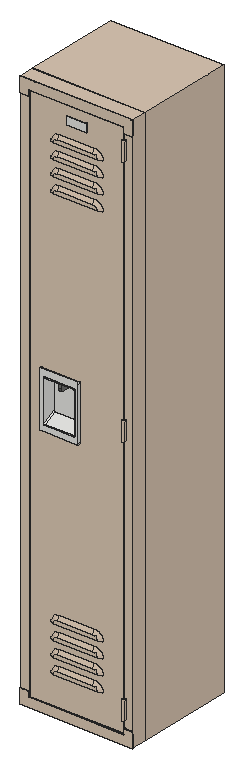
Revit family "Locker_SalsburyInd_Metal-1-Tier-Single", category Specialty Equipment, Revit 2026
Family settings
  Round Connector Dimension = Use Diameter
  Part Type = Normal
  Classification Number = 23.40.00.00
  Work Plane-Based = No
  Enable Cutting in Views = No
  Always vertical = Yes
  Cut with Voids When Loaded = No
  Maintain Annotation Orientation = No
  Shared = No
  Room Calculation Point = No
Parameters
  Warranty Duration (Years) = 0
  Vertical Front Filler Width_Right [instance] = 15.000"
  Vertical Front Filler Width_Left [instance] = 15.000"
  Vertical Filler_Right [instance] = ML_Front Filler : None
  Vertical Filler_Left [instance] = ML_Front Filler : None
  Unit Width = 12.000"
  Unit Height = 60.000"
  Unit Depth = 12.000"
  URL = "www.lockers.com"
  Type Comments = "Specify Assembled or Disassembled"
  Specification = ""
  SpecWizard = ""
  Sales Information = "http://www.lockers.com/service/contact/"
  Revision = "R1_2017-09"
  Product Properties = "http://www.lockers.com/shop-by-department/metal-lockers/standard-12-w/"
  Product Data = "http://www.arcat.com/arcatcos/cos35/arc35330.html"
  Overall Height [instance] = Unit Height + Base Height + Sloping Hood Height  # 60.000"
  Manufacturer Website = "http://www.lockers.com/"
  Manufacturer Phone - Toll Free = "800-562-5377"
  Manufacturer Phone = "323-846-6700"
  Manufacturer Fax = "323-846-6800"
  Manufacturer Address = "1010 E. 62nd St.  Los Angeles, CA 90001-1598"
  Maintenance Schedule (Months) = 0
  Lock Type [instance] = "[Built-in Combination][Padlock][Built-in Resettable Combination]"
  Keynote = "10 50 00"
  Installation Phase = ""
  Hasp Plate Material [instance] = Finish - Salsbury - Polished Steel
  Hasp Handle Material [instance] = Finish - Salsbury - Black
  Green Building-LEED = ""
  Expected Lifespan (Years) = 0
  End Panel_Right [instance] = ML_End Panel : None
  End Panel_Left [instance] = ML_End Panel : None
  Drawn By = "Sumex Design, Inc. / Robert S. Weygant, CSI, CDT, SCIP"
  Door Width = Unit Width - (1.063" * 2)  # 9.874"
  Door Height = Unit Height - (1.094" * 2)  # 57.812"
  Top Filler_Right [instance] = ML_Top Filler : None
  Top Filler_Left [instance] = ML_Top Filler : None
  Sloping Hood Height [instance] = if(not(Sloped Hood), 0.000", if(Unit Depth = 12.000", 6.625", if(Unit Depth = 15.000", 8.682", if(Unit Depth = 18.000", 10.739", 0.000"))))  # 0.000"
  Sloped Hood [instance] = no
  Model = "as Specified"
  Manufacturer = "Salsbury Industries"
  Fixture Finish [instance] = Finish - Salsbury - Tan
  Door A Label [instance] = "Number / Name as Specified"
  Description = "Salsbury Locker as Specified"
  Default Elevation = 0.000"
  Copyright = "©Arcat Inc."
  Construction Details = "http://www.arcat.com/details/salsbury/salsbury.html?coid=35330"
  Base_Right [instance] = ML_Base Side : None
  Base_Left [instance] = ML_Base Side : None
  Base Type = ML_Base Type : No Legs
  Base Height = 0.000"
  Base Front [instance] = ML_Front Base : None
  Assembly Code = "C1030310"
Reference planes (in)
  plane 1 "Center (Front/Back)": y = 0.005
  plane 2: z = 0
  plane 3 "Center (Left/Right)": x = 0
  plane 4 "Floor": z = 0
  plane 5 "Bottom of Unit": z = 0
  plane 6 "Top of Unit": z = 60
  plane 7 "Left Side of Unit": x = -6
  plane 8 "Right Side of Unit": x = 6
  plane 9 "Back of Unit": y = 6.005
  plane 10 "Front of Unit": y = -5.995
  plane 11 "Top of Sloping Hood": z = 60
  plane 12 "Right Side of Door Opening": x = 5
  plane 13 "Left Side of Door Opening": x = -5
  plane 14 "Top of Door Opening": z = 59
  plane 15 "Bottom of Door Opening": z = 1
  plane 16 "Back Edge of Front Facing": y = -4.407
  plane 17 "Front Plate Plane": y = -6.055
  plane 18 "Corner Filler Align-Left": x = -6.06
  plane 19 "Corner Filler Align-Right": x = 6.06
  plane 20 "Left Side of Door": x = -4.93029
  plane 21 "Right Side of Door": x = 4.93026
  plane 22 "Top of Door 1": z = 58.90976
  plane 23 "Bottom of Bottom Door": z = 1.09027
  plane 24: x = -5.075
  plane 25: x = 5.075
  plane 26: z = 58.40796
  plane 27: z = 1.59204
Forms (in)
  Sweep 1, solid, material "Finish - Salsbury - Tan" <- "Fixture Finish"
    path origin (0, -5.995, 0) x (1, 0, 0) y (0, 0, 1)
      loop
        line (-6, 60) -> (-6, 0) -> (6, 0) -> (6, 60) -> (-6, 60)
    profile origin (0, -5.995, 60) x (0, 0, 1) y (0, -1, 0)
      loop
        line (0, 0) -> (-1, 0) -> (-1, -1.588) -> (0, -1.588) -> (0, 0)
  Extrusion 2, solid, material "Finish - Salsbury - Tan" <- "Fixture Finish"
    sketch origin (0, -6.055, 0) x (0, 0, -1) y (1, 0, 0)
      loop
        line (-60, -6) -> (-58.47656, -6)
        arc (-58.47656, -6) -> (-58.42806, -5.97991) -> (-58.40796, -5.9314) r 0.0686
        line (-58.40796, -5.9314) -> (-58.40796, -5.14351)
        arc (-58.40796, -5.14351) -> (-58.42809, -5.09506) -> (-58.47656, -5.075) r 0.0686
        line (-58.47656, -5.075) -> (-59, -5.075) -> (-59, 5.075) -> (-58.47656, 5.075)
        arc (-58.47656, 5.075) -> (-58.42809, 5.09506) -> (-58.40796, 5.14351) r 0.0686
        line (-58.40796, 5.14351) -> (-58.40796, 5.9314)
        arc (-58.40796, 5.9314) -> (-58.42806, 5.97991) -> (-58.47656, 6) r 0.0686
        line (-58.47656, 6) -> (-60, 6) -> (-60, -6)
    from -0.06 to 0
  Extrusion 3, solid, material "Finish - Salsbury - Tan" <- "Fixture Finish"
    sketch origin (0, -6.055, 84) x (0, 0, 1) y (-1, 0, 0)
      loop
        line (-84, 6) -> (-84, -6) -> (-82.47656, -6)
        arc (-82.47656, -6) -> (-82.42806, -5.97991) -> (-82.40796, -5.9314) r 0.0686
        line (-82.40796, -5.9314) -> (-82.40796, -5.14351)
        arc (-82.40796, -5.14351) -> (-82.42809, -5.09506) -> (-82.47656, -5.075) r 0.0686
        line (-82.47656, -5.075) -> (-83, -5.075) -> (-83, 5.075) -> (-82.47656, 5.075)
        arc (-82.47656, 5.075) -> (-82.42809, 5.09506) -> (-82.40796, 5.14351) r 0.0686
        line (-82.40796, 5.14351) -> (-82.40796, 5.9314)
        arc (-82.40796, 5.9314) -> (-82.42806, 5.97991) -> (-82.47656, 6) r 0.0686
        line (-82.47656, 6) -> (-84, 6)
    from -0.06 to 0
  Extrusion 4, solid, material "Finish - Salsbury - Tan" <- "Fixture Finish"
    sketch origin (6, 0, 0) x (0, 0, -1) y (0, -1, 0)
      loop
        line (-59.94, 4.407) -> (-59.94, 6.055) -> (-60, 6.055) -> (-60, -6.005) -> (0, -6.005) -> (0, 4.407) -> (-59.94, 4.407)
    from 0 to 12
  Extrusion 5, void
    sketch origin (6, 0, 0) x (0, 0, -1) y (0, -1, 0)
      loop
        line (-60, 6.055) -> (-60, 4.407) -> (-59.94, 4.407) -> (-59.94, 6.055) -> (-60, 6.055)
    from 0 to 12
Cuts and joins
  Extrusion 5 cuts Extrusion 4
Dimensions and locks (in)
  equal spacing: plane 7 "Left Side of Unit", plane 3 "Center (Left/Right)", plane 8 "Right Side of Unit"
  "Unit Width": plane 7 "Left Side of Unit" to plane 8 "Right Side of Unit"
  "Base Height": plane 5 "Bottom of Unit" to plane 4 "Floor"
  "Unit Height": plane 6 "Top of Unit" to plane 5 "Bottom of Unit"
  equal spacing: plane 10 "Front of Unit", plane 1 "Center (Front/Back)", plane 9 "Back of Unit"
  "Unit Depth": plane 10 "Front of Unit" to plane 9 "Back of Unit"
  "Sloping Hood Height": plane 11 "Top of Sloping Hood" to plane 6 "Top of Unit"
  plane 6 "Top of Unit" to plane 14 "Top of Door Opening" to plane 22 "Top of Door 1" to plane 26 = 1.000" locked, 0.09024" locked, 0.5018" locked
  plane 27 to plane 23 "Bottom of Bottom Door" to plane 15 "Bottom of Door Opening" to plane 5 "Bottom of Unit" = 0.50177" locked, 0.09027" locked, 1.000" locked
  plane 7 "Left Side of Unit" to plane 13 "Left Side of Door Opening" to plane 20 "Left Side of Door" = 1.000" locked, 0.06971"
  plane 21 "Right Side of Door" to plane 12 "Right Side of Door Opening" to plane 8 "Right Side of Unit" = 0.06974", 1.000" locked
  plane 17 "Front Plate Plane" to plane 10 "Front of Unit" to plane 16 "Back Edge of Front Facing" = 0.060" locked, 1.588" locked
  locked: plane 8 "Right Side of Unit" to plane 19 "Corner Filler Align-Right" at 0.06
  locked: plane 18 "Corner Filler Align-Left" to plane 7 "Left Side of Unit" at 0.06
  plane 20 "Left Side of Door" to plane 21 "Right Side of Door" = 9.86055"
  locked: plane 7 "Left Side of Unit" to plane 24 at 0.925
  locked: plane 25 to plane 8 "Right Side of Unit" at 0.925
  locked: Extrusion 4 sketch curve to plane 6 "Top of Unit" at 0.06
  locked: Extrusion 5 sketch curve to plane 6 "Top of Unit" at 0.06
  aligned and locked: level to plane 2
  aligned and locked: Extrusion 2 to plane 10 "Front of Unit"
  aligned and locked: Extrusion 3 to plane 10 "Front of Unit"
  aligned and locked: plane 4 "Floor" to nested 1
  aligned and locked: plane 5 "Bottom of Unit" to Extrusion 3
  aligned and locked: plane 10 "Front of Unit" to nested 2
  aligned and locked: nested 5 to plane 10 "Front of Unit"
  aligned and locked: plane 10 "Front of Unit" to nested 6
  aligned and locked: plane 10 "Front of Unit" to nested 4
  aligned and locked: plane 23 "Bottom of Bottom Door" to nested 8
  aligned and locked: plane 10 "Front of Unit" to nested 8
  aligned and locked: plane 10 "Front of Unit" to nested 1
  aligned and locked: plane 6 "Top of Unit" to Sweep 1 sketch curve  (x2)
  aligned and locked: Sweep 1 sketch curve to plane 7 "Left Side of Unit"
  aligned and locked: plane 8 "Right Side of Unit" to Sweep 1 sketch curve
  aligned and locked: Sweep 1 sketch curve to plane 5 "Bottom of Unit"
  aligned and locked: plane 10 "Front of Unit" to Sweep 1
  aligned and locked: Extrusion 2 to plane 17 "Front Plate Plane"
  aligned and locked: plane 10 "Front of Unit" to Extrusion 2
  aligned and locked: Extrusion 2 to plane 8 "Right Side of Unit"
  aligned and locked: plane 7 "Left Side of Unit" to Extrusion 2
  aligned and locked: plane 7 "Left Side of Unit" to Extrusion 3
  aligned and locked: plane 17 "Front Plate Plane" to Extrusion 3
  aligned and locked: Extrusion 3 to plane 8 "Right Side of Unit"
  aligned and locked: plane 24 to Extrusion 3
  aligned and locked: plane 25 to Extrusion 3
  aligned and locked: plane 25 to Extrusion 2
  aligned and locked: Extrusion 2 to plane 24
  aligned and locked: plane 16 "Back Edge of Front Facing" to Sweep 1 sketch curve
  aligned and locked: Sweep 1 sketch curve to plane 14 "Top of Door Opening"
  aligned and locked: Sweep 1 sketch curve to plane 10 "Front of Unit"
  aligned and locked: plane 26 to Extrusion 2  (x2)
  aligned and locked: Extrusion 2 to plane 6 "Top of Unit"
  aligned and locked: plane 14 "Top of Door Opening" to Extrusion 2
  aligned and locked: Extrusion 3 to plane 15 "Bottom of Door Opening"
  aligned and locked: plane 27 to Extrusion 3
  aligned and locked: Extrusion 3 to plane 27
  aligned and locked: plane 8 "Right Side of Unit" to nested 6
  aligned and locked: nested 7 to plane 7 "Left Side of Unit"
  aligned and locked: plane 10 "Front of Unit" to nested 7
  aligned and locked: plane 11 "Top of Sloping Hood" to Extrusion 4 sketch curve
  aligned and locked: Extrusion 4 to plane 8 "Right Side of Unit"
  aligned and locked: plane 7 "Left Side of Unit" to Extrusion 4
  aligned and locked: plane 17 "Front Plate Plane" to Extrusion 4 sketch curve
  aligned and locked: Extrusion 5 sketch curve to plane 16 "Back Edge of Front Facing"
  aligned and locked: Extrusion 5 sketch curve to plane 6 "Top of Unit"
  aligned and locked: plane 17 "Front Plate Plane" to Extrusion 5 sketch curve
  aligned and locked: plane 7 "Left Side of Unit" to Extrusion 5
  aligned and locked: Extrusion 5 to plane 8 "Right Side of Unit"
  aligned and locked: plane 5 "Bottom of Unit" to nested 4
  aligned and locked: nested 5 to plane 5 "Bottom of Unit"
  aligned and locked: plane 1 "Center (Front/Back)" to nested 3
  aligned and locked: plane 8 "Right Side of Unit" to nested 3
  aligned and locked: plane 7 "Left Side of Unit" to nested 9
  aligned and locked: nested 9 to plane 1 "Center (Front/Back)"
  aligned and locked: plane 3 "Center (Left/Right)" to nested 2
  aligned and locked: plane 3 "Center (Left/Right)" to nested 1
  aligned and locked: plane 8 "Right Side of Unit" to nested 4
  aligned and locked: plane 7 "Left Side of Unit" to nested 5
  aligned and locked: plane 1 "Center (Front/Back)" to nested 10
  aligned and locked: nested 10 to plane 19 "Corner Filler Align-Right"
  aligned and locked: nested 11 to plane 1 "Center (Front/Back)"
  aligned and locked: plane 18 "Corner Filler Align-Left" to nested 11
  aligned and locked: plane 3 "Center (Left/Right)" to nested 8
  aligned and locked: plane 5 "Bottom of Unit" to Extrusion 4 sketch curve
  aligned and locked: plane 6 "Top of Unit" to Extrusion 4 sketch curve
Automatic sketch dimensions
  Extrusion 2 sketch curve to plane 6 "Top of Unit" = 0.000"
  plane 14 "Top of Door Opening" to Extrusion 2 sketch curve = 0.000"
  plane 7 "Left Side of Unit" to Extrusion 2 sketch curve = 0.000"
  Extrusion 2 sketch curve to plane 8 "Right Side of Unit" = 0.000"
  Extrusion 2 sketch curve to plane 7 "Left Side of Unit" = 0.0686"
  Extrusion 2 sketch curve to Extrusion 2 sketch curve = 0.0686"
  plane 13 "Left Side of Door Opening" to Extrusion 2 sketch curve = 0.1436"
  Extrusion 2 sketch curve to Extrusion 2 sketch curve = 0.00009"
  Extrusion 2 sketch curve to plane 12 "Right Side of Door Opening" = 0.075"
  Extrusion 2 sketch curve to Extrusion 2 sketch curve = 0.06851"
  Extrusion 3 sketch curve to plane 5 "Bottom of Unit" = 0.000"
  plane 15 "Bottom of Door Opening" to Extrusion 3 sketch curve = 0.000"
  Extrusion 3 sketch curve to plane 7 "Left Side of Unit" = 0.000"
  plane 8 "Right Side of Unit" to Extrusion 3 sketch curve = 0.000"
  Extrusion 3 sketch curve to Extrusion 3 sketch curve = 0.0686"  (x2)
  Extrusion 3 sketch curve to plane 13 "Left Side of Door Opening" = 0.1436"
  Extrusion 3 sketch curve to Extrusion 3 sketch curve = 0.00009"
  plane 12 "Right Side of Door Opening" to Extrusion 3 sketch curve = 0.075"
  Extrusion 3 sketch curve to Extrusion 3 sketch curve = 0.06851"
  plane 24 to Extrusion 2 sketch curve = 0.000"
  Extrusion 2 sketch curve to plane 26 = 0.000"  (x2)
  Extrusion 2 sketch curve to plane 26 = 0.0686"
  plane 24 to Extrusion 3 sketch curve = 0.000"
  Extrusion 3 sketch curve to plane 27 = 0.000"  (x2)
  Extrusion 3 sketch curve to plane 27 = 0.0686"
  Extrusion 4 sketch curve to plane 9 "Back of Unit" = 0.000"
  Extrusion 4 sketch curve to plane 16 "Back Edge of Front Facing" = 0.000"
Nested families (in)
  nested 1: "ML_Front Base" at (0, 0.01, 0), type <- "Base Front", Finish <- "Fixture Finish", Locker Width <- "Unit Width", type "None"
    with Width 10.000", Locker Width 12.000", Finish Finish - Salsbury - Tan
  nested 2: "ML_Base Type" at (0, 0.005, 0), type <- "Base Type", Finish <- "Fixture Finish", Depth <- "Unit Depth", Width <- "Unit Width", type "No Legs"
    with Width 12.000", Finish Finish - Salsbury - Tan, Depth 12.000"
  nested 3: "ML_Base Side" at (0.01, 0.005, 0), type <- "Base_Right", Locker Depth <- "Unit Depth", Finish <- "Fixture Finish", type "None"
    with Locker Depth 12.000", Finish Finish - Salsbury - Tan
  nested 4: "ML_End Panel" at (10.1325, 2.172, 0), type <- "End Panel_Right", Height <- "Unit Height", Depth <- "Unit Depth", Finish <- "Fixture Finish", type "None"
    with controldepth 12.000", Height 60.000", Finish Finish - Salsbury - Tan, Depth 12.000", Base Height 0.000"
  nested 5: "ML_End Panel" at (-10.1325, 2.172, 0) x (-1, 0, 0) z (0, 0, 1), type <- "End Panel_Left", Height <- "Unit Height", Depth <- "Unit Depth", Finish <- "Fixture Finish", type "None"
    with controldepth 12.000", Height 60.000", Finish Finish - Salsbury - Tan, Depth 12.000", Base Height 0.000"
  nested 6: "ML_Front Filler" at (18.095, -3.078, 0), type <- "Vertical Filler_Right", Base Height <- "Base Height", Height <- "Unit Height", Width <- "Vertical Front Filler Width_Right", Finish <- "Fixture Finish", type "None"
    with Width 15.000", Height 60.000", Finish Finish - Salsbury - Tan, Base Height 0.000"
  nested 7: "ML_Front Filler" at (-8.905, -3.078, 0), type <- "Vertical Filler_Left", Base Height <- "Base Height", Height <- "Unit Height", Width <- "Vertical Front Filler Width_Left", Finish <- "Fixture Finish", type "None"
    with Width 15.000", Height 60.000", Finish Finish - Salsbury - Tan, Base Height 0.000"
  nested 8: "Metal Locker Doors_SingleTier" at (0, -5.545, 1.09027), Hasp Handle Material <- "Hasp Handle Material", Hasp Plate Rivet Material <- "Hasp Plate Material", Primary Structure Material <- "Fixture Finish", Width <- "Door Width", type "as Specified"
    with Width 9.874", Primary Structure Material Finish - Salsbury - Tan, Louver Width 5.55412", Hasp Plate Rivet Material Finish - Salsbury - Polished Steel, Hasp Handle Material Finish - Salsbury - Black
  nested 9: "ML_Base Side" at (-0.01, 0.005, 0) x (-1, 0, 0) z (0, 0, 1), type <- "Base_Left", Locker Depth <- "Unit Depth", Finish <- "Fixture Finish", type "None"
    with Locker Depth 12.000", Finish Finish - Salsbury - Tan
  nested 10: "ML_Top Filler" at (10.655, 2.172, 60), Finish <- "Fixture Finish", type <- "Top Filler_Right", Width <- "Vertical Front Filler Width_Right", Depth <- "Unit Depth", type "None"
    with Width 15.000", Sloped Height 6.625", Finish Finish - Salsbury - Tan, Depth 12.000", Corner Width 12.625"
  nested 11: "ML_Top Filler" at (-10.655, 2.172, 60) x (-1, 0, 0) z (0, 0, 1), Finish <- "Fixture Finish", type <- "Top Filler_Left", Width <- "Vertical Front Filler Width_Left", Depth <- "Unit Depth", type "None"
    with Width 15.000", Sloped Height 6.625", Finish Finish - Salsbury - Tan, Depth 12.000", Corner Width 12.625"
Definition of nested family "Metal Locker Doors_SingleTier"
  Parameters (values of type "as Specified")
    Width [instance] = 9.938"
    Visible Top Louvers 3 and 4 = yes
    Visible Top Louver 2 = yes
    Visible Hinge 3 = yes
    Visible Bottom Louvers 1 and 2 = yes
    Visible Bottom Louver 3 = yes
    Top Louver Set Vertical Alignment = 3.063"
    Primary Structure Material [instance] = none
    Number Plate Alignment = 0.9375"
    Louver Width [instance] = Width * 9 / 16  # 5.59013"
    Hinge 3 Placement = 54.500"
    Hinge 2 Placement = 27.875"
    Hinge 1 Placement = 1.125"
    Height = 57.812"
    Hasp Plate Rivet Material [instance] = none
    Hasp Height = 5.960"
    Hasp Handle Material [instance] = none
    Depth = 0.900"
    Default Elevation = 48.000"
    Bottom Louver Set Vertical Alignment = 3.063"
  Reference planes (in)
    plane 1 "Center (Front/Back)": y = 0
    plane 2 "Bottom of Door": z = 0
    plane 3 "Center (Left/Right)": x = 0
    plane 4 "Center (Top/Bottom)": z = 28.906
    plane 5 "Top of Door": z = 57.812
    plane 6 "Right Side of Door": x = 4.969
    plane 7 "Left Side of Door": x = -4.969
    plane 8 "Front of Door": y = -0.45
    plane 9 "Back of Door": y = 0.45
    plane 10 "Top of Number Plate": z = 56.8745
    plane 11 "Top of Top Vent 1": z = 54.749
    plane 12 "Top of Top Vent 2": z = 53.124
    plane 13 "Top of Top Vent 3": z = 51.499
    plane 14 "Top of Top Vent 4": z = 49.874
    plane 15 "Bottom of Bottom Vent 1": z = 7.938
    plane 16 "Bottom of Bottom Vent 2": z = 6.313
    plane 17 "Bottom of Bottom Vent 3": z = 4.688
    plane 18 "Bottom of Bottom Vent 4": z = 3.063
    plane 19 "Top of Hasp Alignment": z = 31.886
    plane 20 "Left Side of Hasp Alignment": x = -3.844
    plane 21 "Bottom of Hasp Alignment": z = 25.926
    plane 22 "Right Side of Hasp Alignment": x = 0.256
    plane 23 "Left Side of Louvers": x = -2.79506
    plane 24 "Right Side of Louvers": x = 2.79506
    plane 25 "Front of Louvers": y = -0.6375
    plane 26: x = -1.094
    plane 27: x = 1.094
    plane 28: z = 55.8745
    plane 29 "Center Hasp": x = -1.794
    plane 30 "Top of Hinge 3": z = 3.312
    plane 31 "Top of Hinge 2": z = 29.937
    plane 32 "Top of Hinge 1": z = 56.687
  Forms (in)
    Extrusion 1, solid, material <- "Primary Structure Material"
      sketch origin (0, 0, 0) x (1, 0, 0) y (0, 0, 1)
        loop
          line (-4.969, 57.812) -> (-4.969, 0) -> (4.969, 0) -> (4.969, 57.812) -> (-4.969, 57.812)
      from -0.45 to 0.45
    Blend 2, solid, material <- "Primary Structure Material"
      base sketch origin (0, -0.45, 0) x (1, 0, 0) y (0, 0, 1)
        loop
          line (-2.79506, 53.84744) -> (2.79506, 53.84744)
          arc (2.79506, 53.84744) -> (2.531, 54.48494) -> (1.8935, 54.749) r 0.90156
          line (1.8935, 54.749) -> (-1.8935, 54.749)
          arc (-1.8935, 54.749) -> (-2.531, 54.48494) -> (-2.79506, 53.84744) r 0.90156
      top sketch origin (0, -0.6375, 0) x (1, 0, 0) y (0, 0, 1)
        loop
          line (-2.36248, 53.84744) -> (2.36248, 53.84744)
          arc (2.36248, 53.84744) -> (2.22656, 54.17558) -> (1.89842, 54.3115) r 0.46406
          line (1.89842, 54.3115) -> (-1.89842, 54.3115)
          arc (-1.89842, 54.3115) -> (-2.22656, 54.17558) -> (-2.36248, 53.84744) r 0.46406
      from 0 to 0
    Blend 3, solid, material <- "Primary Structure Material", visible <- "Visible Top Louver 2"
      base sketch origin (0, -0.45, -1.625) x (1, 0, 0) y (0, 0, 1)
        loop
          line (-2.79506, 53.84744) -> (2.79506, 53.84744)
          arc (2.79506, 53.84744) -> (2.531, 54.48494) -> (1.8935, 54.749) r 0.90156
          line (1.8935, 54.749) -> (-1.8935, 54.749)
          arc (-1.8935, 54.749) -> (-2.531, 54.48494) -> (-2.79506, 53.84744) r 0.90156
      top sketch origin (0, -0.6375, -1.625) x (1, 0, 0) y (0, 0, 1)
        loop
          line (-2.36248, 53.84744) -> (2.36248, 53.84744)
          arc (2.36248, 53.84744) -> (2.22656, 54.17558) -> (1.89842, 54.3115) r 0.46406
          line (1.89842, 54.3115) -> (-1.89842, 54.3115)
          arc (-1.89842, 54.3115) -> (-2.22656, 54.17558) -> (-2.36248, 53.84744) r 0.46406
      from 0 to 0
    Blend 4, solid, material <- "Primary Structure Material", visible <- "Visible Top Louvers 3 and 4"
      base sketch origin (0, -0.45, -3.25) x (1, 0, 0) y (0, 0, 1)
        loop
          line (-2.79506, 53.84744) -> (2.79506, 53.84744)
          arc (2.79506, 53.84744) -> (2.531, 54.48494) -> (1.8935, 54.749) r 0.90156
          line (1.8935, 54.749) -> (-1.8935, 54.749)
          arc (-1.8935, 54.749) -> (-2.531, 54.48494) -> (-2.79506, 53.84744) r 0.90156
      top sketch origin (0, -0.6375, -3.25) x (1, 0, 0) y (0, 0, 1)
        loop
          line (-2.36248, 53.84744) -> (2.36248, 53.84744)
          arc (2.36248, 53.84744) -> (2.22656, 54.17558) -> (1.89842, 54.3115) r 0.46406
          line (1.89842, 54.3115) -> (-1.89842, 54.3115)
          arc (-1.89842, 54.3115) -> (-2.22656, 54.17558) -> (-2.36248, 53.84744) r 0.46406
      from 0 to 0
    Blend 5, solid, material <- "Primary Structure Material", visible <- "Visible Top Louvers 3 and 4"
      base sketch origin (0, -0.45, -4.875) x (1, 0, 0) y (0, 0, 1)
        loop
          line (-2.79506, 53.84744) -> (2.79506, 53.84744)
          arc (2.79506, 53.84744) -> (2.531, 54.48494) -> (1.8935, 54.749) r 0.90156
          line (1.8935, 54.749) -> (-1.8935, 54.749)
          arc (-1.8935, 54.749) -> (-2.531, 54.48494) -> (-2.79506, 53.84744) r 0.90156
      top sketch origin (0, -0.6375, -4.875) x (1, 0, 0) y (0, 0, 1)
        loop
          line (-2.36248, 53.84744) -> (2.36248, 53.84744)
          arc (2.36248, 53.84744) -> (2.22656, 54.17558) -> (1.89842, 54.3115) r 0.46406
          line (1.89842, 54.3115) -> (-1.89842, 54.3115)
          arc (-1.89842, 54.3115) -> (-2.22656, 54.17558) -> (-2.36248, 53.84744) r 0.46406
      from 0 to 0
    Blend 6, solid, material <- "Primary Structure Material", visible <- "Visible Bottom Louvers 1 and 2"
      base sketch origin (0, -0.45, -57.818) x (1, 0, 0) y (0, 0, 1)
        loop
          line (-2.79506, 65.756) -> (2.79506, 65.756)
          arc (2.79506, 65.756) -> (2.531, 66.3935) -> (1.8935, 66.65756) r 0.90156
          line (1.8935, 66.65756) -> (-1.8935, 66.65756)
          arc (-1.8935, 66.65756) -> (-2.531, 66.3935) -> (-2.79506, 65.756) r 0.90156
      top sketch origin (0, -0.6375, -57.818) x (1, 0, 0) y (0, 0, 1)
        loop
          line (-2.36248, 65.756) -> (2.36248, 65.756)
          arc (2.36248, 65.756) -> (2.22656, 66.08414) -> (1.89842, 66.22006) r 0.46406
          line (1.89842, 66.22006) -> (-1.89842, 66.22006)
          arc (-1.89842, 66.22006) -> (-2.22656, 66.08414) -> (-2.36248, 65.756) r 0.46406
      from 0 to 0
    Blend 7, solid, material <- "Primary Structure Material", visible <- "Visible Bottom Louvers 1 and 2"
      base sketch origin (0, -0.45, -59.443) x (1, 0, 0) y (0, 0, 1)
        loop
          line (-2.79506, 65.756) -> (2.79506, 65.756)
          arc (2.79506, 65.756) -> (2.531, 66.3935) -> (1.8935, 66.65756) r 0.90156
          line (1.8935, 66.65756) -> (-1.8935, 66.65756)
          arc (-1.8935, 66.65756) -> (-2.531, 66.3935) -> (-2.79506, 65.756) r 0.90156
      top sketch origin (0, -0.6375, -59.443) x (1, 0, 0) y (0, 0, 1)
        loop
          line (-2.36248, 65.756) -> (2.36248, 65.756)
          arc (2.36248, 65.756) -> (2.22656, 66.08414) -> (1.89842, 66.22006) r 0.46406
          line (1.89842, 66.22006) -> (-1.89842, 66.22006)
          arc (-1.89842, 66.22006) -> (-2.22656, 66.08414) -> (-2.36248, 65.756) r 0.46406
      from 0 to 0
    Blend 8, solid, material <- "Primary Structure Material", visible <- "Visible Bottom Louver 3"
      base sketch origin (0, -0.45, -61.068) x (1, 0, 0) y (0, 0, 1)
        loop
          line (-2.79506, 65.756) -> (2.79506, 65.756)
          arc (2.79506, 65.756) -> (2.531, 66.3935) -> (1.8935, 66.65756) r 0.90156
          line (1.8935, 66.65756) -> (-1.8935, 66.65756)
          arc (-1.8935, 66.65756) -> (-2.531, 66.3935) -> (-2.79506, 65.756) r 0.90156
      top sketch origin (0, -0.6375, -61.068) x (1, 0, 0) y (0, 0, 1)
        loop
          line (-2.36248, 65.756) -> (2.36248, 65.756)
          arc (2.36248, 65.756) -> (2.22656, 66.08414) -> (1.89842, 66.22006) r 0.46406
          line (1.89842, 66.22006) -> (-1.89842, 66.22006)
          arc (-1.89842, 66.22006) -> (-2.22656, 66.08414) -> (-2.36248, 65.756) r 0.46406
      from 0 to 0
    Blend 9, solid, material <- "Primary Structure Material"
      base sketch origin (0, -0.45, -62.693) x (1, 0, 0) y (0, 0, 1)
        loop
          line (-2.79506, 65.756) -> (2.79506, 65.756)
          arc (2.79506, 65.756) -> (2.531, 66.3935) -> (1.8935, 66.65756) r 0.90156
          line (1.8935, 66.65756) -> (-1.8935, 66.65756)
          arc (-1.8935, 66.65756) -> (-2.531, 66.3935) -> (-2.79506, 65.756) r 0.90156
      top sketch origin (0, -0.6375, -62.693) x (1, 0, 0) y (0, 0, 1)
        loop
          line (-2.36248, 65.756) -> (2.36248, 65.756)
          arc (2.36248, 65.756) -> (2.22656, 66.08414) -> (1.89842, 66.22006) r 0.46406
          line (1.89842, 66.22006) -> (-1.89842, 66.22006)
          arc (-1.89842, 66.22006) -> (-2.22656, 66.08414) -> (-2.36248, 65.756) r 0.46406
      from 0 to 0
    Extrusion 10, solid, material <- "Hasp Plate Rivet Material"
      sketch origin (0, -0.45, 0) x (1, 0, 0) y (0, 0, 1)
        loop
          arc (-1.06847, 56.83895) -> (-1.09512, 56.37621) -> (-1.06847, 55.91347) r 4.03112
          arc (-1.06847, 55.91347) -> (0, 55.87472) -> (1.06847, 55.91347) r 14.75
          arc (1.06847, 55.91347) -> (1.09512, 56.37621) -> (1.06847, 56.83895) r 4.03112
          arc (1.06847, 56.83895) -> (0, 56.87767) -> (-1.06847, 56.83895) r 14.7612
      from 0 to 0.03497
    Extrusion 11, solid, material <- "Hasp Plate Rivet Material"
      sketch origin (0, -0.45, 0) x (1, 0, 0) y (0, 0, 1)
        loop
          arc (-3.74618, 31.886) -> (-3.81535, 31.85735) -> (-3.844, 31.78818) r 0.09782
          line (-3.844, 31.78818) -> (-3.844, 26.02301)
          arc (-3.844, 26.02301) -> (-3.81559, 25.95441) -> (-3.74699, 25.926) r 0.09701
          line (-3.74699, 25.926) -> (0.1498, 25.926)
          arc (0.1498, 25.926) -> (0.2249, 25.9571) -> (0.256, 26.0322) r 0.1062
          line (0.256, 26.0322) -> (0.256, 31.78146)
          arc (0.256, 31.78146) -> (0.22538, 31.85538) -> (0.15146, 31.886) r 0.10454
          line (0.15146, 31.886) -> (-3.74618, 31.886)
      from 0 to 0.1875
    Extrusion 12, void
      sketch origin (0, 0.45, 0) x (1, 0, 0) y (0, 0, 1)
        loop
          line (-0.23842, 31.136) -> (-3.33108, 31.136)
          arc (-3.33108, 31.136) -> (-3.4286, 31.0956) -> (-3.469, 30.99808) r 0.13792
          line (-3.469, 30.99808) -> (-3.469, 26.68892)
          arc (-3.469, 26.68892) -> (-3.4286, 26.5914) -> (-3.33108, 26.551) r 0.13792
          line (-3.33108, 26.551) -> (-0.23842, 26.551)
          arc (-0.23842, 26.551) -> (-0.15398, 26.58598) -> (-0.119, 26.67042) r 0.11942
          line (-0.119, 26.67042) -> (-0.119, 31.01658)
          arc (-0.119, 31.01658) -> (-0.15398, 31.10102) -> (-0.23842, 31.136) r 0.11942
      from 0 to 1.0875
    Blend 13, solid, material <- "Hasp Plate Rivet Material"
      base sketch origin (5.54622, -0.6375, 48) x (1, 0, 0) y (0, 0, 1)
        loop
          line (-5.80314, -16.864) -> (-8.8773, -16.864)
          arc (-8.8773, -16.864) -> (-8.97483, -16.9044) -> (-9.01522, -17.00192) r 0.13792
          line (-9.01522, -17.00192) -> (-9.01522, -20.62358)
          arc (-9.01522, -20.62358) -> (-8.97483, -20.7211) -> (-8.8773, -20.7615) r 0.13792
          line (-8.8773, -20.7615) -> (-5.80314, -20.7615)
          arc (-5.80314, -20.7615) -> (-5.70562, -20.7211) -> (-5.66522, -20.62358) r 0.13792
          line (-5.66522, -20.62358) -> (-5.66522, -17.00192)
          arc (-5.66522, -17.00192) -> (-5.70562, -16.9044) -> (-5.80314, -16.864) r 0.13792
      top sketch origin (5.54622, -0.6375, 48) x (1, 0, 0) y (0, 0, 1)
        loop
          line (-5.80314, -16.864) -> (-8.8773, -16.864)
          arc (-8.8773, -16.864) -> (-8.97483, -16.9044) -> (-9.01522, -17.00192) r 0.13792
          line (-9.01522, -17.00192) -> (-9.01522, -21.31108)
          arc (-9.01522, -21.31108) -> (-8.97483, -21.4086) -> (-8.8773, -21.449) r 0.13792
          line (-8.8773, -21.449) -> (-5.80314, -21.449)
          arc (-5.80314, -21.449) -> (-5.70562, -21.4086) -> (-5.66522, -21.31108) r 0.13792
          line (-5.66522, -21.31108) -> (-5.66522, -17.00192)
          arc (-5.66522, -17.00192) -> (-5.70562, -16.9044) -> (-5.80314, -16.864) r 0.13792
      from -1.38343 to 0
    Blend 14, void
      base sketch origin (5.54622, -0.6375, 48) x (-1, 0, 0) y (0, 0, 1)
        loop
          arc (5.86564, -16.9265) -> (5.76812, -16.9669) -> (5.72772, -17.06442) r 0.13792
          line (5.72772, -17.06442) -> (5.72772, -20.56108)
          arc (5.72772, -20.56108) -> (5.76812, -20.6586) -> (5.86564, -20.699) r 0.13792
          line (5.86564, -20.699) -> (8.8148, -20.699)
          arc (8.8148, -20.699) -> (8.91233, -20.6586) -> (8.95272, -20.56108) r 0.13792
          line (8.95272, -20.56108) -> (8.95272, -17.06442)
          arc (8.95272, -17.06442) -> (8.91233, -16.9669) -> (8.8148, -16.9265) r 0.13792
          line (8.8148, -16.9265) -> (5.86564, -16.9265)
      top sketch origin (5.54622, -0.6375, 48) x (1, 0, 0) y (0, 0, 1)
        loop
          line (-5.81877, -16.90306) -> (-8.86168, -16.90306)
          arc (-8.86168, -16.90306) -> (-8.9592, -16.94346) -> (-8.9996, -17.04098) r 0.13792
          line (-8.9996, -17.04098) -> (-8.9996, -21.29545)
          arc (-8.9996, -21.29545) -> (-8.9592, -21.39298) -> (-8.86168, -21.43338) r 0.13792
          line (-8.86168, -21.43338) -> (-5.81877, -21.43338)
          arc (-5.81877, -21.43338) -> (-5.72124, -21.39298) -> (-5.68085, -21.29545) r 0.13792
          line (-5.68085, -21.29545) -> (-5.68085, -17.04098)
          arc (-5.68085, -17.04098) -> (-5.72124, -16.94346) -> (-5.81877, -16.90306) r 0.13792
      from 1.32053 to 0
    Extrusion 15, solid, material <- "Hasp Handle Material"
      sketch origin (-1.794, 0, 0.00013) x (0, 0, -1) y (0, -1, 0)
        loop
          line (-31.12024, 0.45) -> (-31.12024, -0.51) -> (-30.43837, -0.51)
          arc (-30.43837, -0.51) -> (-30.31137, -0.45412) -> (-30.26677, -0.32274) r 0.17225
          arc (-30.26677, -0.32274) -> (-30.31602, -0.03) -> (-30.26677, 0.26274) r 0.89468
          arc (-30.26677, 0.26274) -> (-30.31137, 0.39412) -> (-30.43837, 0.45) r 0.17225
          line (-30.43837, 0.45) -> (-31.12024, 0.45)
      from -0.163 to 0.163
    Extrusion 16, void
      sketch origin (-1.794, -0.13281, 0.04687) x (0, 0, -1) y (0, -1, 0)
        loop
          circle (-30.73977, -0.16411) r 0.2
      from -0.163 to 0.163
    Extrusion 17, solid, material <- "Primary Structure Material", detail levels medium+fine
      sketch origin (0, 0, 56.687) x (0, -1, 0) y (1, 0, 0)
        loop
          line (0.45, 4.969) -> (0.575, 4.969)
          arc (0.575, 4.969) -> (0.7, 5.094) -> (0.575, 5.219) r 0.125
          line (0.575, 5.219) -> (0.45, 5.219) -> (0.45, 4.969)
      from 0 to -2
    Extrusion 18, solid, material <- "Primary Structure Material", detail levels medium+fine
      sketch origin (0, 0, 29.937) x (0, -1, 0) y (1, 0, 0)
        loop
          line (0.45, 4.969) -> (0.575, 4.969)
          arc (0.575, 4.969) -> (0.7, 5.094) -> (0.575, 5.219) r 0.125
          line (0.575, 5.219) -> (0.45, 5.219) -> (0.45, 4.969)
      from 0 to -2
    Extrusion 19, solid, material <- "Primary Structure Material", visible <- "Visible Hinge 3", detail levels medium+fine
      sketch origin (0, 0, 3.312) x (0, -1, 0) y (1, 0, 0)
        loop
          line (0.45, 4.969) -> (0.575, 4.969)
          arc (0.575, 4.969) -> (0.7, 5.094) -> (0.575, 5.219) r 0.125
          line (0.575, 5.219) -> (0.45, 5.219) -> (0.45, 4.969)
      from 0 to -2
  Cuts and joins
    Extrusion 12, Extrusion 16 cuts Extrusion 1
    Extrusion 12 cuts Extrusion 11
    Extrusion 16 cuts Extrusion 15
    Blend 14 cuts Blend 13
  Dimensions and locks (in)
    equal spacing: plane 5 "Top of Door", plane 4 "Center (Top/Bottom)", plane 2 "Bottom of Door"
    "Height": plane 5 "Top of Door" to plane 2 "Bottom of Door"
    equal spacing: plane 8 "Front of Door", plane 1 "Center (Front/Back)", plane 9 "Back of Door"
    "Depth": plane 8 "Front of Door" to plane 9 "Back of Door"
    equal spacing: plane 7 "Left Side of Door", plane 3 "Center (Left/Right)", plane 6 "Right Side of Door"
    "Width": plane 7 "Left Side of Door" to plane 6 "Right Side of Door"
    "Number Plate Alignment": plane 5 "Top of Door" to plane 10 "Top of Number Plate" to plane 28
    equal spacing: plane 23 "Left Side of Louvers", plane 3 "Center (Left/Right)", plane 24 "Right Side of Louvers"
    "Louver Width": plane 23 "Left Side of Louvers" to plane 24 "Right Side of Louvers"
    "Top Louver Set Vertical Alignment": plane 5 "Top of Door" to plane 11 "Top of Top Vent 1"
    plane 11 "Top of Top Vent 1" to plane 12 "Top of Top Vent 2" to plane 13 "Top of Top Vent 3" to plane 14 "Top of Top Vent 4" = 1.625", 1.625", 1.625"
    "Bottom Louver Set Vertical Alignment": plane 18 "Bottom of Bottom Vent 4" to plane 2 "Bottom of Door"
    plane 15 "Bottom of Bottom Vent 1" to plane 16 "Bottom of Bottom Vent 2" to plane 17 "Bottom of Bottom Vent 3" to plane 18 "Bottom of Bottom Vent 4" = 1.625", 1.625", 1.625"
    equal spacing: plane 19 "Top of Hasp Alignment", plane 4 "Center (Top/Bottom)", plane 21 "Bottom of Hasp Alignment"
    "Hasp Height": plane 19 "Top of Hasp Alignment" to plane 21 "Bottom of Hasp Alignment"
    plane 7 "Left Side of Door" to plane 20 "Left Side of Hasp Alignment" to plane 22 "Right Side of Hasp Alignment" = 1.125" locked, 4.100"
    locked: plane 25 "Front of Louvers" to plane 8 "Front of Door" at 0.1875
    plane 26 to plane 3 "Center (Left/Right)" to plane 27 = 1.094" locked, 1.094" locked
    plane 20 "Left Side of Hasp Alignment" to plane 29 "Center Hasp" to plane 22 "Right Side of Hasp Alignment" = 2.050", 2.050"
    "Hinge 1 Placement": plane 5 "Top of Door" to plane 32 "Top of Hinge 1"
    locked: plane 20 "Left Side of Hasp Alignment" to Blend 14 sketch curve at 0.4375
    locked: Blend 14 sketch curve to plane 22 "Right Side of Hasp Alignment" at 0.4375
    locked: plane 20 "Left Side of Hasp Alignment" to Blend 14 sketch curve at 0.39062
    locked: Blend 14 sketch curve to plane 22 "Right Side of Hasp Alignment" at 0.39063
    locked: plane 20 "Left Side of Hasp Alignment" to Blend 13 sketch curve at 0.375  (x2)
    locked: Blend 13 sketch curve to plane 22 "Right Side of Hasp Alignment" at 0.375  (x2)
    locked: plane 20 "Left Side of Hasp Alignment" to Extrusion 12 sketch curve at 0.375
    locked: Extrusion 12 sketch curve to plane 22 "Right Side of Hasp Alignment" at 0.375
    locked: plane 19 "Top of Hasp Alignment" to Blend 14 sketch curve at 0.8125
    locked: plane 19 "Top of Hasp Alignment" to Blend 14 sketch curve at 0.78906
    locked: plane 19 "Top of Hasp Alignment" to Extrusion 12 sketch curve at 0.75
    locked: plane 30 "Top of Hinge 3" to level at 3.312
    locked: plane 31 "Top of Hinge 2" to plane 4 "Center (Top/Bottom)" at 1.031
    locked: Blend 2 sketch curve to plane 24 "Right Side of Louvers" at 0.90156
    locked: plane 23 "Left Side of Louvers" to Blend 2 sketch curve at 0.90156
    locked: plane 23 "Left Side of Louvers" to Blend 2 sketch curve at 0.89665
    locked: Blend 2 sketch curve to plane 24 "Right Side of Louvers" at 0.89665
    locked: Blend 3 sketch curve to plane 24 "Right Side of Louvers" at 0.90156
    locked: plane 23 "Left Side of Louvers" to Blend 3 sketch curve at 0.90156
    locked: plane 23 "Left Side of Louvers" to Blend 3 sketch curve at 0.89665
    locked: Blend 3 sketch curve to plane 24 "Right Side of Louvers" at 0.89665
    locked: plane 23 "Left Side of Louvers" to Blend 4 sketch curve at 0.90156
    locked: Blend 4 sketch curve to plane 24 "Right Side of Louvers" at 0.90156
    locked: plane 23 "Left Side of Louvers" to Blend 4 sketch curve at 0.89665
    locked: Blend 4 sketch curve to plane 24 "Right Side of Louvers" at 0.89665
    locked: plane 23 "Left Side of Louvers" to Blend 5 sketch curve at 0.90156
    locked: Blend 5 sketch curve to plane 24 "Right Side of Louvers" at 0.90156
    locked: plane 23 "Left Side of Louvers" to Blend 5 sketch curve at 0.89665
    locked: Blend 5 sketch curve to plane 24 "Right Side of Louvers" at 0.89665
    locked: plane 23 "Left Side of Louvers" to Blend 6 sketch curve at 0.90156
    locked: Blend 6 sketch curve to plane 24 "Right Side of Louvers" at 0.90156
    locked: plane 23 "Left Side of Louvers" to Blend 6 sketch curve at 0.89665
    locked: Blend 6 sketch curve to plane 24 "Right Side of Louvers" at 0.89665
    locked: plane 23 "Left Side of Louvers" to Blend 7 sketch curve at 0.90156
    locked: Blend 7 sketch curve to plane 24 "Right Side of Louvers" at 0.90156
    locked: plane 23 "Left Side of Louvers" to Blend 7 sketch curve at 0.89665
    locked: Blend 7 sketch curve to plane 24 "Right Side of Louvers" at 0.89665
    locked: plane 23 "Left Side of Louvers" to Blend 8 sketch curve at 0.90156
    locked: Blend 8 sketch curve to plane 24 "Right Side of Louvers" at 0.90156
    locked: plane 23 "Left Side of Louvers" to Blend 8 sketch curve at 0.89665
    locked: Blend 8 sketch curve to plane 24 "Right Side of Louvers" at 0.89665
    locked: plane 23 "Left Side of Louvers" to Blend 9 sketch curve at 0.89665
    locked: Blend 9 sketch curve to plane 24 "Right Side of Louvers" at 0.89665
    locked: plane 23 "Left Side of Louvers" to Blend 9 sketch curve at 0.90156
    locked: Blend 9 sketch curve to plane 24 "Right Side of Louvers" at 0.90156
    aligned and locked: level to plane 2 "Bottom of Door"
    aligned and locked: plane 5 "Top of Door" to Extrusion 1 sketch curve
    aligned and locked: Extrusion 1 sketch curve to plane 7 "Left Side of Door"
    aligned and locked: plane 2 "Bottom of Door" to Extrusion 1 sketch curve
    aligned and locked: plane 6 "Right Side of Door" to Extrusion 1 sketch curve
    aligned and locked: plane 25 "Front of Louvers" to Blend 2
    aligned and locked: plane 11 "Top of Top Vent 1" to Blend 2
    aligned and locked: plane 12 "Top of Top Vent 2" to Blend 3
    aligned and locked: plane 13 "Top of Top Vent 3" to Blend 4
    aligned and locked: plane 14 "Top of Top Vent 4" to Blend 5
    aligned and locked: plane 15 "Bottom of Bottom Vent 1" to Blend 6
    aligned and locked: plane 16 "Bottom of Bottom Vent 2" to Blend 7
    aligned and locked: plane 17 "Bottom of Bottom Vent 3" to Blend 8
    aligned and locked: plane 18 "Bottom of Bottom Vent 4" to Blend 9
    aligned and locked: plane 19 "Top of Hasp Alignment" to Extrusion 11 sketch curve
    aligned and locked: plane 21 "Bottom of Hasp Alignment" to Extrusion 11 sketch curve
    aligned and locked: plane 22 "Right Side of Hasp Alignment" to Extrusion 11 sketch curve
    aligned and locked: plane 20 "Left Side of Hasp Alignment" to Extrusion 11 sketch curve
    aligned and locked: plane 25 "Front of Louvers" to Extrusion 11
    aligned and locked: plane 25 "Front of Louvers" to Extrusion 12
    aligned and locked: plane 25 "Front of Louvers" to Blend 13
    aligned and locked: plane 25 "Front of Louvers" to Blend 14
  Automatic sketch dimensions
    plane 23 "Left Side of Louvers" to Blend 2 sketch curve = 0.000"
    Blend 2 sketch curve to plane 11 "Top of Top Vent 1" = 0.000"
    plane 23 "Left Side of Louvers" to Blend 3 sketch curve = 0.000"
    Blend 3 sketch curve to plane 12 "Top of Top Vent 2" = 0.000"
    plane 23 "Left Side of Louvers" to Blend 4 sketch curve = 0.000"
    Blend 4 sketch curve to plane 13 "Top of Top Vent 3" = 0.000"
    plane 23 "Left Side of Louvers" to Blend 5 sketch curve = 0.000"
    Blend 5 sketch curve to plane 14 "Top of Top Vent 4" = 0.000"
    Blend 6 sketch curve to plane 15 "Bottom of Bottom Vent 1" = 0.000"  (x2)
    plane 23 "Left Side of Louvers" to Blend 6 sketch curve = 0.000"
    Blend 7 sketch curve to plane 16 "Bottom of Bottom Vent 2" = 0.000"  (x2)
    plane 23 "Left Side of Louvers" to Blend 7 sketch curve = 0.000"
    Blend 8 sketch curve to plane 17 "Bottom of Bottom Vent 3" = 0.000"  (x2)
    plane 23 "Left Side of Louvers" to Blend 8 sketch curve = 0.000"
    Blend 9 sketch curve to plane 18 "Bottom of Bottom Vent 4" = 0.000"  (x2)
    plane 23 "Left Side of Louvers" to Blend 9 sketch curve = 0.000"
    Extrusion 10 sketch curve to plane 3 "Center (Left/Right)" = 0.000"  (x2)
    plane 23 "Left Side of Louvers" to Extrusion 10 sketch curve = 0.14094"
    Extrusion 10 sketch curve to plane 24 "Right Side of Louvers" = 0.14094"
    plane 14 "Top of Top Vent 4" to Extrusion 10 sketch curve = 7.75754"
    plane 32 "Top of Hinge 1" to Extrusion 10 sketch curve = 0.31079"  (x2)
    Extrusion 10 sketch curve to plane 5 "Top of Door" = 12.81272"
    Extrusion 10 sketch curve to plane 26 = 0.02553"  (x2)
    plane 27 to Extrusion 10 sketch curve = 0.02553"
    Extrusion 10 sketch curve to plane 28 = 0.03897"
    Extrusion 15 sketch curve to plane 8 "Front of Door" = 0.000"
    plane 19 "Top of Hasp Alignment" to Extrusion 15 sketch curve = 0.76563"
    Extrusion 15 sketch curve to Extrusion 15 sketch curve = 0.68188"  (x2)
    Extrusion 15 sketch curve to plane 9 "Back of Door" = 0.060"
    Extrusion 15 sketch curve to plane 1 "Center (Front/Back)" = 0.030"
    Extrusion 15 sketch curve to plane 4 "Center (Top/Bottom)" = 0.51547"
    plane 9 "Back of Door" to Extrusion 15 sketch curve = 0.11225"
    Extrusion 15 sketch curve to Extrusion 15 sketch curve = 0.17225"
    Extrusion 15 sketch curve to Extrusion 15 sketch curve = 0.17159"
    Extrusion 16 sketch curve to plane 1 "Center (Front/Back)" = 0.0313"
    plane 19 "Top of Hasp Alignment" to Extrusion 16 sketch curve = 1.09935"
    plane 8 "Front of Door" to Extrusion 17 sketch curve = 0.000"
    Extrusion 17 sketch curve to plane 25 "Front of Louvers" = 0.0625"
    plane 6 "Right Side of Door" to Extrusion 17 sketch curve = 0.000"
    Extrusion 17 sketch curve to plane 6 "Right Side of Door" = 0.125"
    plane 8 "Front of Door" to Extrusion 18 sketch curve = 0.000"
    Extrusion 18 sketch curve to plane 25 "Front of Louvers" = 0.0625"
    plane 6 "Right Side of Door" to Extrusion 18 sketch curve = 0.000"
    Extrusion 18 sketch curve to plane 6 "Right Side of Door" = 0.125"
    plane 8 "Front of Door" to Extrusion 19 sketch curve = 0.000"
    Extrusion 19 sketch curve to plane 25 "Front of Louvers" = 0.0625"
    plane 6 "Right Side of Door" to Extrusion 19 sketch curve = 0.000"
    Extrusion 19 sketch curve to plane 6 "Right Side of Door" = 0.125"
    Extrusion 11 sketch curve to plane 20 "Left Side of Hasp Alignment" = 0.09701"
    Extrusion 11 sketch curve to plane 20 "Left Side of Hasp Alignment" = 0.09782"
    Extrusion 11 sketch curve to plane 21 "Bottom of Hasp Alignment" = 0.1062"
    Extrusion 11 sketch curve to Extrusion 11 sketch curve = 0.10454"
    Blend 14 sketch curve to Blend 14 sketch curve = 0.13792"  (x8)
    plane 4 "Center (Top/Bottom)" to Blend 14 sketch curve = 1.46708"
    Blend 14 sketch curve to plane 21 "Bottom of Hasp Alignment" = 0.77855"
    Blend 13 sketch curve to Blend 13 sketch curve = 0.13792"  (x8)
    Blend 13 sketch curve to plane 21 "Bottom of Hasp Alignment" = 1.3125"
    plane 19 "Top of Hasp Alignment" to Blend 13 sketch curve = 0.88792"  (x2)
    Blend 13 sketch curve to plane 21 "Bottom of Hasp Alignment" = 0.625"
    Extrusion 12 sketch curve to Extrusion 12 sketch curve = 0.13792"  (x2)
    Extrusion 12 sketch curve to Extrusion 12 sketch curve = 0.11942"  (x2)
    Extrusion 12 sketch curve to plane 21 "Bottom of Hasp Alignment" = 0.625"
    Blend 2 sketch curve to plane 23 "Left Side of Louvers" = 0.43258"
    Blend 2 sketch curve to plane 12 "Top of Top Vent 2" = 0.72344"
    Blend 3 sketch curve to plane 23 "Left Side of Louvers" = 0.43258"
    Blend 3 sketch curve to plane 13 "Top of Top Vent 3" = 0.72344"
    Blend 4 sketch curve to plane 23 "Left Side of Louvers" = 0.43258"
    Blend 4 sketch curve to plane 14 "Top of Top Vent 4" = 0.72344"
    Blend 5 sketch curve to plane 23 "Left Side of Louvers" = 0.43258"
    plane 14 "Top of Top Vent 4" to Blend 5 sketch curve = 0.90156"
    Blend 6 sketch curve to plane 23 "Left Side of Louvers" = 0.43258"
    Blend 7 sketch curve to plane 23 "Left Side of Louvers" = 0.43258"
    Blend 8 sketch curve to plane 23 "Left Side of Louvers" = 0.43258"
    Blend 9 sketch curve to plane 23 "Left Side of Louvers" = 0.43258"
    radius of Extrusion 16 sketch curve = 0.200"
Definition of nested family "ML_Front Base"
  Parameters (values of type "Front Leg Cover")
    Width [instance] = Locker Width - 2.000"  # 10.000"
    Visible = yes
    Version = "1.0 (11/30/15)"
    Type Comments = "Front Base for Standard Metal Lockers"
    Model = ""
    MasterFormat Title = ""
    MasterFormat Number = ""
    Manufacturer = "Salsbury Industries"
    Locker Width [instance] = 12.000"
    Finish [instance] = none
    Description = "Front Base"
    Depth = 1.185"
    Height = 6.000"
    Default Elevation = 0.000"
    Assembly Code = ""
  Types (2): name | Visible
    None | no
    Front Leg Cover | yes
  Reference planes (in)
    plane 1 "Center (Front/Back)": y = -5.417
    plane 2: z = 0
    plane 3 "Center (Left/Right)": x = 0
    plane 4 "Floor": z = 0
    plane 5 "Top of Enclosure": z = 6
    plane 6 "Front of Enclosure": y = -6.005
    plane 7 "Right Side of Enclosure": x = 5
    plane 8 "Left Side of Enclosure": x = -5
    plane 9 "Back of Enclosure": y = -4.82
  Forms (in)
    Extrusion 1, solid, material <- "Finish", visible <- "Visible"
      sketch origin (0, -6.005, 0) x (1, 0, 0) y (0, 0, 1)
        loop
          line (-5, 6) -> (-5, 0) -> (5, 0) -> (5, 6) -> (-5, 6)
      from -1.185 to 0
  Dimensions and locks (in)
    "Height": plane 5 "Top of Enclosure" to plane 4 "Floor"
    plane 6 "Front of Enclosure" to plane 1 "Center (Front/Back)" = 0.588"
    "Depth": plane 6 "Front of Enclosure" to plane 9 "Back of Enclosure"
    equal spacing: plane 8 "Left Side of Enclosure", plane 3 "Center (Left/Right)", plane 7 "Right Side of Enclosure"
    "Width": plane 8 "Left Side of Enclosure" to plane 7 "Right Side of Enclosure"
    aligned and locked: level to plane 2
    aligned and locked: Extrusion 1 to plane 7 "Right Side of Enclosure"
  Automatic sketch dimensions
    Extrusion 1 sketch curve to Extrusion 1 sketch curve = 10.000"
    Extrusion 1 sketch curve to Extrusion 1 sketch curve = 6.000"
    Extrusion 1 sketch curve to level = 0.000"
    plane 8 "Left Side of Enclosure" to Extrusion 1 sketch curve = 0.000"
Definition of nested family "ML_Base Type"
  Parameters (values of type "No Legs")
    Zee = no
    Width [instance] = 12.000"
    Version = "1.0 (11/30/15)"
    Type Comments = "No Legs"
    Model = "n/a"
    MasterFormat Title = ""
    MasterFormat Number = ""
    Manufacturer = "Salsbury Industries"
    Legs = no
    Finish [instance] = none
    Description = ""
    Depth [instance] = 12.010"
    Default Elevation = 0.000"
    Assembly Code = ""
  Types (3): name | Zee | Width | Legs
    No Legs | no | 12.000" | no
    Legs | no | 12.040" | yes
    Zee | yes | 12.040" | no
  Reference planes (in)
    plane 1 "Center (Front/Back)": y = 0
    plane 2: z = 0
    plane 3 "Center (Left/Right)": x = 0
    plane 4 "Floor": z = 0
    plane 5 "Left Side of Unit": x = -6
    plane 6 "Right Side of Unit": x = 6
    plane 7 "Back of Unit": y = 6.005
    plane 8 "Front of Unit": y = -6.005
    plane 9 "Right Side of Door Opening": x = 5.12
    plane 10 "Left Side of Door Opening": x = -5.12
    plane 11 "Back Edge of Front Facing": y = -4.417
    plane 12 "Inside Edge of Front Leg": x = -4.56
    plane 13 "Inside Edge of Right Leg": x = 4.56
    plane 14: y = -4.82
    plane 15 "Back Edge of Rear Legs": y = 6.005
    plane 16 "Right Edge of Rear Right Leg": x = 6
    plane 17 "Left Edge or Rear Left Leg": x = -6
    plane 18: y = 5.005
    plane 19 "Inside Edge or Rear Right Leg": x = 5
    plane 20 "Inside Edge or Left Rear Leg": x = -5
  Forms (in)
    Extrusion 1, solid, material <- "Finish", visible <- "Legs"
      sketch origin (0, 0, 0) x (0, -1, 0) y (1, 0, 0)
        loop
          line (4.417, 6) -> (4.417, 5.94) -> (5.945, 5.94) -> (5.945, 5.06) -> (4.76, 5.06) -> (4.76, 4.56) -> (4.82, 4.56) -> (4.82, 5) -> (6.005, 5) -> (6.005, 6) -> (4.417, 6)
      from 0 to 6
    Extrusion 2, solid, material <- "Finish", visible <- "Legs"
      sketch origin (0, 0, 0) x (0, -1, 0) y (1, 0, 0)
        loop
          line (4.417, -6) -> (6.005, -6) -> (6.005, -5) -> (4.82, -5) -> (4.82, -4.56) -> (4.76, -4.56) -> (4.76, -5.06) -> (5.945, -5.06) -> (5.945, -5.94) -> (4.417, -5.94) -> (4.417, -6)
      from 0 to 6
    Extrusion 3, solid, material <- "Finish", visible <- "Legs"
      sketch origin (0, 0, 0) x (0, -1, 0) y (1, 0, 0)
        loop
          line (-6.005, 6) -> (-6.005, 5) -> (-5.945, 5) -> (-5.945, 5.94) -> (-5.005, 5.94) -> (-5.005, 6) -> (-6.005, 6)
      from 0.06 to 6.185
    Extrusion 4, solid, material <- "Finish", visible <- "Zee"
      sketch origin (0, 0, 0) x (0, -1, 0) y (1, 0, 0)
        loop
          line (-6.005, 6) -> (-6.005, 5) -> (-5.005, 5) -> (-5.005, 6) -> (-6.005, 6)
      from 0 to 0.06
    Extrusion 5, solid, material <- "Finish", visible <- "Legs"
      sketch origin (0, 0, 0) x (0, -1, 0) y (1, 0, 0)
        loop
          line (-6.005, -6) -> (-5.005, -6) -> (-5.005, -5.94) -> (-5.945, -5.94) -> (-5.945, -5) -> (-6.005, -5) -> (-6.005, -6)
      from 0.06 to 6.185
    Extrusion 6, solid, material <- "Finish", visible <- "Zee"
      sketch origin (0, 0, 0) x (0, -1, 0) y (1, 0, 0)
        loop
          line (-6.005, -6) -> (-5.005, -6) -> (-5.005, -5) -> (-6.005, -5) -> (-6.005, -6)
      from 0 to 0.06
    Extrusion 7, solid, material <- "Finish", visible <- "Zee"
      sketch origin (0, 0, 0) x (0, -1, 0) y (1, 0, 0)
        loop
          line (-6.005, 6) -> (-6.005, 5) -> (-5.945, 5) -> (-5.945, 5.94) -> (-5.005, 5.94) -> (-5.005, 6) -> (-6.005, 6)
      from 0.06 to 4.185
    Extrusion 8, solid, material <- "Finish", visible <- "Legs"
      sketch origin (0, 0, 0) x (0, -1, 0) y (1, 0, 0)
        loop
          line (-6.005, 6) -> (-6.005, 5) -> (-5.005, 5) -> (-5.005, 6) -> (-6.005, 6)
      from 0 to 0.06
    Extrusion 9, solid, material <- "Finish", visible <- "Zee"
      sketch origin (0, 0, 0) x (0, -1, 0) y (1, 0, 0)
        loop
          line (-6.005, -6) -> (-5.005, -6) -> (-5.005, -5.94) -> (-5.945, -5.94) -> (-5.945, -5) -> (-6.005, -5) -> (-6.005, -6)
      from 0.06 to 4.185
    Extrusion 10, solid, material <- "Finish", visible <- "Legs"
      sketch origin (0, 0, 0) x (0, -1, 0) y (1, 0, 0)
        loop
          line (-6.005, -6) -> (-5.005, -6) -> (-5.005, -5) -> (-6.005, -5) -> (-6.005, -6)
      from 0 to 0.06
    Extrusion 11, solid, material <- "Finish", visible <- "Zee"
      sketch origin (0, 0, 0) x (0, 1, 0) y (0, 0, 1)
        loop
          line (-6.005, 4) -> (-6.005, 3.94) -> (-4.417, 3.94) -> (-4.417, 0) -> (-2.769, 0) -> (-2.769, 0.06) -> (-4.357, 0.06) -> (-4.357, 4) -> (-6.005, 4)
      from -6 to 6
  Dimensions and locks (in)
    equal spacing: plane 5 "Left Side of Unit", plane 3 "Center (Left/Right)", plane 6 "Right Side of Unit"
    "Width": plane 5 "Left Side of Unit" to plane 6 "Right Side of Unit"
    equal spacing: plane 8 "Front of Unit", plane 1 "Center (Front/Back)", plane 7 "Back of Unit"
    "Depth": plane 8 "Front of Unit" to plane 7 "Back of Unit"
    plane 5 "Left Side of Unit" to plane 10 "Left Side of Door Opening" = 0.880"
    plane 9 "Right Side of Door Opening" to plane 6 "Right Side of Unit" = 0.880"
    locked: plane 8 "Front of Unit" to plane 11 "Back Edge of Front Facing" at 1.588
    plane 10 "Left Side of Door Opening" to plane 12 "Inside Edge of Front Leg" = 0.560"
    plane 13 "Inside Edge of Right Leg" to plane 9 "Right Side of Door Opening" = 0.560"
    plane 8 "Front of Unit" to plane 14 = 1.185"
    plane 13 "Inside Edge of Right Leg" to plane 19 "Inside Edge or Rear Right Leg" to plane 9 "Right Side of Door Opening" to plane 16 "Right Edge of Rear Right Leg" to plane 6 "Right Side of Unit" = 0.440", 0.120", 0.880", 0.000"
    plane 5 "Left Side of Unit" to plane 17 "Left Edge or Rear Left Leg" to plane 10 "Left Side of Door Opening" to plane 20 "Inside Edge or Left Rear Leg" to plane 12 "Inside Edge of Front Leg" = 0.000", 0.880", 0.120", 0.440"
    plane 18 to plane 15 "Back Edge of Rear Legs" to plane 7 "Back of Unit" = 1.000" locked, 0.000" locked
    aligned and locked: level to plane 2
    aligned and locked: Extrusion 3 to Extrusion 4
    aligned and locked: Extrusion 6 to Extrusion 5
    aligned and locked: Extrusion 3 to plane 16 "Right Edge of Rear Right Leg"
    aligned and locked: Extrusion 3 to plane 15 "Back Edge of Rear Legs"
    aligned and locked: Extrusion 5 to plane 17 "Left Edge or Rear Left Leg"
    aligned and locked: Extrusion 5 to plane 15 "Back Edge of Rear Legs"
    aligned and locked: Extrusion 7 to Extrusion 8
    aligned and locked: Extrusion 10 to Extrusion 9
    aligned and locked: Extrusion 11 to plane 6 "Right Side of Unit"
    aligned and locked: plane 5 "Left Side of Unit" to Extrusion 11
  Automatic sketch dimensions
    plane 15 "Back Edge of Rear Legs" to Extrusion 3 sketch curve = 0.000"
    Extrusion 3 sketch curve to plane 19 "Inside Edge or Rear Right Leg" = 0.000"
    Extrusion 3 sketch curve to plane 16 "Right Edge of Rear Right Leg" = 0.000"
    plane 18 to Extrusion 3 sketch curve = 0.000"
    plane 15 "Back Edge of Rear Legs" to Extrusion 3 sketch curve = 0.060"
    plane 16 "Right Edge of Rear Right Leg" to Extrusion 3 sketch curve = 0.060"
    plane 15 "Back Edge of Rear Legs" to Extrusion 4 sketch curve = 0.000"
    Extrusion 4 sketch curve to plane 16 "Right Edge of Rear Right Leg" = 0.000"
    plane 18 to Extrusion 4 sketch curve = 0.000"
    Extrusion 4 sketch curve to plane 19 "Inside Edge or Rear Right Leg" = 0.000"
    plane 15 "Back Edge of Rear Legs" to Extrusion 5 sketch curve = 0.000"
    Extrusion 5 sketch curve to plane 20 "Inside Edge or Left Rear Leg" = 0.000"
    Extrusion 5 sketch curve to plane 17 "Left Edge or Rear Left Leg" = 0.000"
    plane 18 to Extrusion 5 sketch curve = 0.000"
    Extrusion 5 sketch curve to plane 15 "Back Edge of Rear Legs" = 0.060"
    Extrusion 5 sketch curve to plane 17 "Left Edge or Rear Left Leg" = 0.060"
    plane 15 "Back Edge of Rear Legs" to Extrusion 6 sketch curve = 0.000"
    Extrusion 6 sketch curve to plane 17 "Left Edge or Rear Left Leg" = 0.000"
    plane 18 to Extrusion 6 sketch curve = 0.000"
    Extrusion 6 sketch curve to plane 20 "Inside Edge or Left Rear Leg" = 0.000"
    plane 15 "Back Edge of Rear Legs" to Extrusion 7 sketch curve = 0.000"
    Extrusion 7 sketch curve to plane 19 "Inside Edge or Rear Right Leg" = 0.000"
    Extrusion 7 sketch curve to plane 16 "Right Edge of Rear Right Leg" = 0.000"
    plane 18 to Extrusion 7 sketch curve = 0.000"
    plane 15 "Back Edge of Rear Legs" to Extrusion 7 sketch curve = 0.060"
    plane 16 "Right Edge of Rear Right Leg" to Extrusion 7 sketch curve = 0.060"
    plane 15 "Back Edge of Rear Legs" to Extrusion 8 sketch curve = 0.000"
    Extrusion 8 sketch curve to plane 16 "Right Edge of Rear Right Leg" = 0.000"
    plane 18 to Extrusion 8 sketch curve = 0.000"
    Extrusion 8 sketch curve to plane 19 "Inside Edge or Rear Right Leg" = 0.000"
    plane 15 "Back Edge of Rear Legs" to Extrusion 9 sketch curve = 0.000"
    Extrusion 9 sketch curve to plane 20 "Inside Edge or Left Rear Leg" = 0.000"
    Extrusion 9 sketch curve to plane 17 "Left Edge or Rear Left Leg" = 0.000"
    plane 18 to Extrusion 9 sketch curve = 0.000"
    Extrusion 9 sketch curve to plane 15 "Back Edge of Rear Legs" = 0.060"
    Extrusion 9 sketch curve to plane 17 "Left Edge or Rear Left Leg" = 0.060"
    plane 15 "Back Edge of Rear Legs" to Extrusion 10 sketch curve = 0.000"
    Extrusion 10 sketch curve to plane 17 "Left Edge or Rear Left Leg" = 0.000"
    plane 18 to Extrusion 10 sketch curve = 0.000"
    Extrusion 10 sketch curve to plane 20 "Inside Edge or Left Rear Leg" = 0.000"
    Extrusion 11 sketch curve to plane 8 "Front of Unit" = 0.000"
    Extrusion 11 sketch curve to level = 0.000"
    Extrusion 11 sketch curve to plane 11 "Back Edge of Front Facing" = 0.000"
    Extrusion 11 sketch curve to plane 11 "Back Edge of Front Facing" = 0.060"
    Extrusion 11 sketch curve to Extrusion 11 sketch curve = 1.588"
    level to Extrusion 11 sketch curve = 0.060"
    Extrusion 11 sketch curve to Extrusion 11 sketch curve = 0.060"
    Extrusion 11 sketch curve to Extrusion 11 sketch curve = 3.880"
    plane 11 "Back Edge of Front Facing" to Extrusion 2 sketch curve = 0.000"
    Extrusion 2 sketch curve to plane 12 "Inside Edge of Front Leg" = 0.000"
    plane 14 to Extrusion 2 sketch curve = 0.000"
